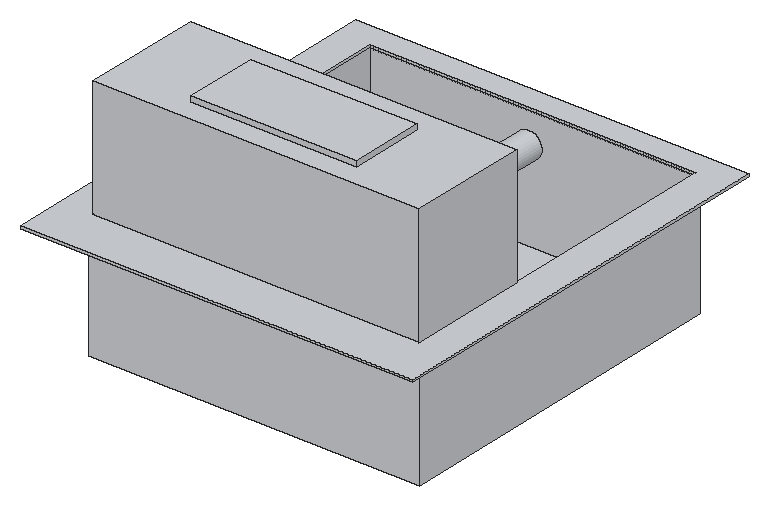
Revit family "e50fe12d1bac4f7c86fe5aa732bd2fee", category Plumbing Fixtures, host Face, Revit 2021
Family settings
  Host = Face
  Round Connector Dimension = Use Radius
  Part Type = Normal
  OmniClass Number = 23.65.70.14.11
  OmniClass Title = Drinking Fountains/Coolers
  Seek Item ID = Drinking Fountain - Semi-Recessed-0000-USA-ENU
  Cut with Voids When Loaded = No
  Shared = No
  Room Calculation Point = No
Parameters (values of type "Standard")
  Sanitary Radius = 5/8"
  Sanitary Diameter = Sanitary Radius * 2  # 1 1/4"
  WFU = 0.5
  Sink Material = none
  Recessed Length = 0' - 6"
  Half Fountain Width = Fountain Width / 2  # 0' - 8"
  HWFU = 0
  Fountain Width = 1' - 4"
  Fountain Length = 0' - 11 7/8"
  Fountain Height = 1' - 4 15/16"
  Flow Pressure [instance] = 8.00 psi
  Faucet Material = none
  Default Elevation = 3' - 0"
  Cold Water Radius = 3/16"
  Cold Water Diameter = Cold Water Radius * 2  # 3/8"
  CWFU = 0.25
  Button Material = none
  Assembly Code = ""
Reference planes (in)
  plane 1 "Center (Front/Back)": y = 0
  plane 2: z = 0
  plane 3 "Center (Left/Right)": x = 0
  plane 4: y = 10.9375
  plane 5: x = 8
  plane 6: x = -8
  plane 7: y = -6
  plane 8: x = -7.875
  plane 9: y = -5.875
  plane 10: x = 7.875
  plane 11: y = 10.8125
  plane 12: z = -6
  plane 13: z = -5.875
  plane 14: x = -4
  plane 15: x = 4
  plane 16: y = -1.1875
  plane 17: y = -4.8125
  plane 18: z = 5.875
  plane 19: z = 6.125
  plane 20: x = 6.59375
  plane 21: x = -6.59375
  plane 22: z = 4.90625
  plane 23: z = -4.90625
  plane 24: x = 5.96875
  plane 25: z = 3.96875
  plane 26: y = -2.40625
  plane 27: z = 0.125
  plane 28: x = -4.96875
  plane 29: y = -1.1875
  plane 30: y = -6
  plane 31: y = -2.53125
  plane 32: z = -5.03125
  plane 33: y = 1.90625
  plane 34: y = 12
  plane 35: x = -9.46875
  plane 36: y = -8.28125
  plane 37: x = 9.46875
  plane 38: z = -3.28125
Forms (in)
  Extrusion 1, solid, material <- "Sink Material"
    sketch origin (0, 0, 0) x (1, 0, 0) y (0, 1, 0)
      loop
        line (-8, -6) -> (8, -6) -> (8, 10.9375) -> (-8, 10.9375) -> (-8, -6)
    from -6 to 0
  Extrusion 2, void
    sketch origin (0, 0, 0) x (1, 0, 0) y (0, 1, 0)
      loop
        line (-7.875, -5.875) -> (7.875, -5.875) -> (7.875, 10.8125) -> (-7.875, 10.8125) -> (-7.875, -5.875)
    from -5.875 to 0
  Extrusion 3, solid, material <- "Sink Material"
    sketch origin (0, 0, 0) x (1, 0, 0) y (0, 1, 0)
      loop
        line (-7.875, -5.875) -> (7.875, -5.875) -> (7.875, 0) -> (-7.875, 0) -> (-7.875, -5.875)
    from -5.875 to 5.875
  Extrusion 4, solid, material <- "Button Material", detail levels fine
    sketch origin (0, 0, 0) x (1, 0, 0) y (0, 1, 0)
      loop
        line (-4, -4.8125) -> (4, -4.8125) -> (4, -1.1875) -> (-4, -1.1875) -> (-4, -4.8125)
    from 5.875 to 6.125
  Extrusion 5, void
    sketch origin (0, 0, 0) x (1, 0, 0) y (0, 0, 1)
      loop
        line (6.59375, -4.90625) -> (6.59375, 3.96875) -> (5.96875, 3.96875) -> (5.96875, 4.90625) -> (-6.59375, 4.90625) -> (-6.59375, -4.90625) -> (6.59375, -4.90625)
    from 0 to 2.40625
  Extrusion 6, solid, material <- "Sink Material", detail levels fine
    sketch origin (0, 0, 0) x (1, 0, 0) y (0, 1, 0)
      loop
        line (-7.875, -5.875) -> (7.875, -5.875) -> (7.875, 10.8125) -> (-7.875, 10.8125) -> (-7.875, -5.875)
      loop
        line (-9.46875, -8.28125) -> (9.46875, -8.28125) -> (9.46875, 12) -> (-9.46875, 12) -> (-9.46875, -8.28125)
    from 0 to 0.125
  Extrusion 7, solid, material <- "Sink Material"
    sketch origin (0, 0, 0) x (1, 0, 0) y (0, 0, 1)
      loop
        circle (-4.96875, -3.28125) r 0.5
    from 2.40625 to 2.53125
  Extrusion 8, solid
    sketch origin (0, 0, 0) x (1, 0, 0) y (0, 1, 0)
      loop
        circle (0, -1.1875) r 0.1875
    from -5.72458 to -5.875
  Extrusion 9, solid, material <- "Faucet Material", detail levels fine
    sketch origin (0, 0, 0) x (1, 0, 0) y (0, 0, 1)
      loop
        arc (7.37082, 4.47293) -> (7.37082, 5.35681) -> (6.48694, 5.35681) r 0.625
        line (6.48694, 5.35681) -> (7.37082, 4.47293)
    from -1.90625 to 0
Cuts and joins
  Extrusion 2, Extrusion 5 cuts Extrusion 1
  Extrusion 5 cuts Extrusion 3
Dimensions and locks (in)
  plane 1 "Center (Front/Back)" to plane 7 = 0' - 6"
  locked: plane 6 to plane 8 at 0.125
  locked: plane 9 to plane 7 at 0.125
  locked: plane 10 to plane 5 at 0.125
  "Recessed Length": plane 2 to plane 12
  locked: plane 16 to plane 1 "Center (Front/Back)" at 1.1875
  locked: plane 17 to plane 7 at 1.1875
  plane 14 to plane 3 "Center (Left/Right)" to plane 15 = 0' - 4" locked, 0' - 4" locked
  locked: plane 13 to plane 12 at 0.125
  locked: plane 4 to plane 11 at 0.125
  "Fountain Length": plane 18 to plane 12
  locked: plane 19 to plane 18 at 0.25
  locked: plane 20 to plane 24 at 0.625
  locked: plane 22 to plane 18 at 0.96875
  locked: plane 25 to plane 22 at 0.9375
  locked: plane 21 to plane 8 at 1.28125
  locked: plane 10 to plane 20 at 1.28125
  locked: plane 13 to plane 23 at 0.96875
  "Fountain Height": plane 4 to plane 7
  locked: plane 27 to level at 0.125
  locked: plane 29 to plane 30 at 4.8125
  locked: plane 21 to plane 28 at 1.625
  plane 35 to plane 8 = 0' - 1 19/32"
  plane 28 to plane 21 = 0' - 1 5/8"
  plane 23 to plane 38 = 0' - 1 5/8"
  plane 26 to plane 1 "Center (Front/Back)" = 0' - 2 13/32"
  locked: plane 1 "Center (Front/Back)" to plane 33 at 1.90625
  plane 34 to plane 11 = 0' - 1 3/16"
  plane 10 to plane 37 = 0' - 1 19/32"
  plane 9 to plane 36 = 0' - 2 13/32"  (x2)
  locked: plane 34 to cut or joined group of Extrusion 1, Extrusion 2, Extrusion 5 at 1.0625
  "Fountain Width": plane 5 to plane 6
  "Half Fountain Width": plane 5 to plane 3 "Center (Left/Right)"
  "Half Fountain Width": plane 3 "Center (Left/Right)" to plane 6
  locked: Extrusion 8 to plane 13 at 0.15042
  radius of Extrusion 7 sketch curve = 0' - 0 1/2"
  radius of Extrusion 8 sketch curve = 0' - 0 3/16"
  radius of Extrusion 9 sketch curve = 0' - 0 5/8"
  radius of Extrusion 9 = 0' - 0 5/8"
  aligned and locked: plane 2 to host face
  aligned and locked: level to host face
  aligned and locked: plane 4 to Extrusion 1
  aligned and locked: plane 5 to Extrusion 1
  aligned and locked: Extrusion 1 to plane 7
  aligned and locked: Extrusion 1 to plane 6
  aligned and locked: cut or joined group of Extrusion 1, Extrusion 2, Extrusion 5 to plane 8
  aligned and locked: plane 10 to cut or joined group of Extrusion 1, Extrusion 2, Extrusion 5
  aligned and locked: cut or joined group of Extrusion 1, Extrusion 2, Extrusion 5 to plane 9
  aligned and locked: Extrusion 2 to plane 13
  aligned and locked: cut or joined group of Extrusion 1, Extrusion 2, Extrusion 5 to plane 12
  aligned and locked: Extrusion 3 to plane 8
  aligned and locked: Extrusion 3 to plane 1 "Center (Front/Back)"
  aligned and locked: plane 10 to Extrusion 3
  aligned and locked: Extrusion 3 to cut or joined group of Extrusion 1, Extrusion 2, Extrusion 5
  aligned and locked: Extrusion 4 to plane 16
  aligned and locked: Extrusion 4 to plane 17
  aligned and locked: plane 15 to Extrusion 4
  aligned and locked: Extrusion 4 to plane 14
  aligned and locked: Extrusion 3 to plane 13
  aligned and locked: plane 2 to cut or joined group of Extrusion 1, Extrusion 2, Extrusion 5
  aligned and locked: level to Extrusion 2
  aligned and locked: plane 18 to Extrusion 3
  aligned and locked: Extrusion 4 to plane 18
  aligned and locked: plane 19 to Extrusion 4
  aligned and locked: plane 22 to cut or joined group of Extrusion 3, Extrusion 5
  aligned and locked: cut or joined group of Extrusion 3, Extrusion 5 to plane 21
  aligned and locked: plane 20 to cut or joined group of Extrusion 3, Extrusion 5
  aligned and locked: plane 24 to cut or joined group of Extrusion 3, Extrusion 5
  aligned and locked: plane 25 to cut or joined group of Extrusion 3, Extrusion 5
  aligned and locked: plane 7 to cut or joined group of Extrusion 1, Extrusion 2, Extrusion 5
  aligned and locked: plane 11 to cut or joined group of Extrusion 1, Extrusion 2, Extrusion 5
  aligned and locked: plane 26 to cut or joined group of Extrusion 3, Extrusion 5
  aligned and locked: plane 27 to Extrusion 6
  aligned and locked: Extrusion 7 to plane 26
  aligned and locked: plane 31 to Extrusion 7
  aligned and locked: Extrusion 9 to plane 33
  aligned and locked: plane 8 to Extrusion 6
  aligned and locked: plane 9 to Extrusion 6
  aligned and locked: Extrusion 6 to plane 10
  aligned and locked: Extrusion 6 to plane 11
  aligned and locked: plane 34 to Extrusion 6
  aligned and locked: Extrusion 6 to plane 35
  aligned and locked: plane 37 to Extrusion 6
  aligned and locked: plane 36 to Extrusion 6
  aligned and locked: plane 13 to Extrusion 8
  aligned and locked: plane 1 "Center (Front/Back)" to Extrusion 9
  aligned and locked: plane 28 to Extrusion 7 sketch curve
  aligned and locked: plane 38 to Extrusion 7 sketch curve
Automatic sketch dimensions
  plane 6 to Extrusion 1 sketch curve = 0' - 0"
  Extrusion 1 sketch curve to plane 5 = 0' - 0"
  Extrusion 1 sketch curve to plane 7 = 0' - 0"
  Extrusion 1 sketch curve to plane 4 = 0' - 0"
  plane 8 to Extrusion 2 sketch curve = 0' - 0"
  Extrusion 2 sketch curve to plane 10 = 0' - 0"
  plane 9 to Extrusion 2 sketch curve = 0' - 0"
  Extrusion 2 sketch curve to plane 11 = 0' - 0"
  Extrusion 3 sketch curve to plane 3 "Center (Left/Right)" = 0' - 7 7/8"
  plane 3 "Center (Left/Right)" to Extrusion 3 sketch curve = 0' - 7 7/8"
  plane 9 to Extrusion 3 sketch curve = 0' - 0"
  plane 1 "Center (Front/Back)" to Extrusion 3 sketch curve = 0' - 0"
  Extrusion 4 sketch curve to plane 3 "Center (Left/Right)" = 0' - 4"
  plane 3 "Center (Left/Right)" to Extrusion 4 sketch curve = 0' - 4"
  plane 9 to Extrusion 4 sketch curve = 0' - 1 1/16"
  plane 1 "Center (Front/Back)" to Extrusion 4 sketch curve = 0' - 1 3/16"
  plane 8 to Extrusion 5 sketch curve = 0' - 1 9/32"
  plane 13 to Extrusion 5 sketch curve = 0' - 0 31/32"
  Extrusion 5 sketch curve to Extrusion 5 sketch curve = 0' - 0 5/8"
  Extrusion 5 sketch curve to Extrusion 5 sketch curve = 0' - 0 15/16"
  plane 15 to Extrusion 5 sketch curve = 0' - 1 31/32"
  Extrusion 5 sketch curve to plane 18 = 0' - 1 29/32"
  plane 6 to Extrusion 6 sketch curve = 0' - 0 1/8"
  Extrusion 6 sketch curve to plane 5 = 0' - 0 1/8"
  Extrusion 6 sketch curve to Extrusion 6 sketch curve = 0' - 1 19/32"
  plane 7 to Extrusion 6 sketch curve = 0' - 0 1/8"
  Extrusion 6 sketch curve to plane 4 = 0' - 0 1/8"
  Extrusion 8 sketch curve to plane 3 "Center (Left/Right)" = 0' - 0"
  Extrusion 8 sketch curve to plane 16 = 0' - 0"
  Extrusion 6 sketch curve to plane 36 = 0' - 0"
  Extrusion 6 sketch curve to plane 35 = 0' - 0"
  plane 34 to Extrusion 6 sketch curve = 0' - 0"
  plane 22 to Extrusion 9 sketch curve = 0' - 0.00862"
  plane 20 to Extrusion 9 sketch curve = 0' - 0.33513"
  Extrusion 9 sketch curve to plane 10 = 0' - 0.50418"
  Extrusion 9 sketch curve to plane 20 = 0' - 0.10681"
  host sketch curve to host sketch curve = 6' - 5.08765"
  host sketch curve to host sketch curve = 6' - 7.62618"
Connectors (in)
  piping at (0, -1.1875, -5.875), diameter 0.375, driven by "Cold Water Radius", driven by "CWFU", driven by "Flow Pressure"
    settings: on Extrusion 8, index 1, connector inside diameter 3/8", connector length 0' - 0", flow factor 0, pipe flow 0 GPM, pressure drop 8.00 psi, fitting loss kfactor 0, connector angle 0.00°, fixture units 0.25, engagement length 0' - 0", angle of deflection 0.00°, flow configuration 3, flow direction 1, fitting loss method 4, system type 20, joint type 0, gender type 0, connector reference index -1, connector utility 0, adjustable connector no, is connector primary yes, connector description "In"
  piping at (-4.96875, -2.40625, -3.28125), diameter 1.25, driven by "Sanitary Radius", driven by "WFU"
    settings: on Extrusion 7, index 2, connector inside diameter 1 1/4", connector length 0' - 0", flow factor 0, pipe flow 0 GPM, pressure drop 0.00 psi, fitting loss kfactor 0, connector angle 0.00°, fixture units 0.5, engagement length 0' - 0", angle of deflection 0.00°, flow configuration 3, flow direction 2, fitting loss method 0, system type 16, joint type 0, gender type 0, connector reference index -1, connector utility 0, adjustable connector no, is connector primary no, connector description "Out"
